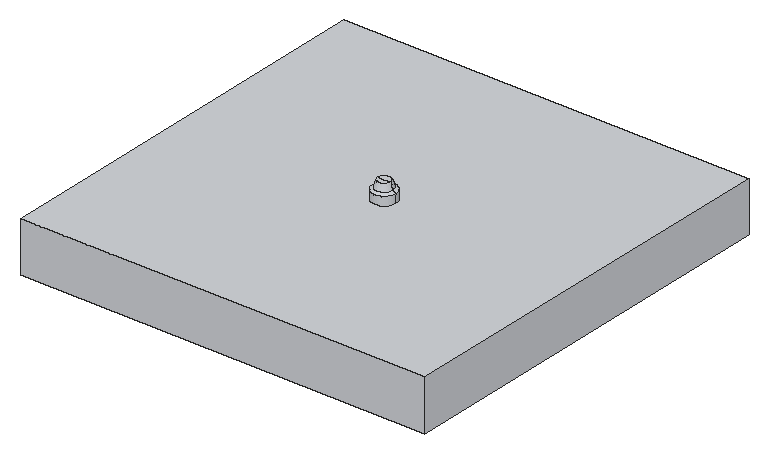
Revit family "M_Detector de fumaça - Receptor de viga", category Dispositivos de alarme de incêndio, Revit 2019
Family settings
  Hospedeiro = Face
  Manter orientação da anotação = Sim
  Cota do conector redondo = Utilizar diâmetro
  Tipo de parte = Normal
  Número OmniClass = 23.85.30.21.11.11.11
  Título OmniClass = Smoke Detectors
  ID de item do Seek = Smoke Detector - Beam Receiver-0000-CAN-ENU
  Corte com vazios quando carregada = Não
  Compartilhado = Não
  Ponto de cálculo do ambiente = Não
Parameters (values of type "Padrão")
  Legenda = "BR"
  Raio pequeno da extremidade = 38 mm
  Raio da extremidade superior = 51 mm
  Profundidade da extremidade superior = 38 mm
  Elevação-padrão = 1200 mm
  Raio base = 70 mm
  Profundidade da base = 51 mm
Reference planes
  plane 1 "Centro (Frente/Trás)": y = 0
  plane 2 "Inferior": z = 0
  plane 3 "Centro (Esquerda/Direita)": x = 0
  plane 4: z = 51
  plane 5: z = 63.7
  plane 6: z = 101.7
  plane 7: x = 38
  plane 8: x = 51
  plane 9: x = 70
Forms (mm)
  Extrusion 1, solid
    sketch origin (0, 0, 0) x (1, 0, 0) y (0, 1, 0)
      loop
        line (-1219.2, 1219.2) -> (-1219.2, -1219.2) -> (1219.2, -1219.2) -> (1219.2, 1219.2) -> (-1219.2, 1219.2)
    from 0 to -304.8
  Revolve 2, solid, detail levels fine
    sketch origin (0, 0, 0) x (1, 0, 0) y (0, 0, 1)
      loop
        line (0, 101.7) -> (0, 0) -> (70, 0) -> (70, 51) -> (38, 63.7) -> (51, 63.7) -> (38, 101.7) -> (0, 101.7)
      axis (0, 0) -> (0, 101.7)
    angle from 0 to 360
  Revolve 3, solid, detail levels coarse+medium
    sketch origin (0, 0, 0) x (1, 0, 0) y (0, 0, 1)
      loop
        line (0, 101.7) -> (0, 0) -> (70, 0) -> (70, 101.7) -> (0, 101.7)
      axis (0, 101.7) -> (0, 0)
    angle from 0 to 360
Lines and regions (mm)
  symbolic lines, detail levels fine
    curve 1: circle (0, 0, 0) r 70 normal (0, 0, 1)
Dimensions and locks
  "Profundidade da base": plane 4 to plane 2 "Inferior"
  locked: plane 5 to plane 4 at 12.7
  "Profundidade da extremidade superior": plane 6 to plane 5
  "Raio pequeno da extremidade": plane 7 to plane 3 "Centro (Esquerda/Direita)"
  "Raio da extremidade superior": plane 8 to plane 3 "Centro (Esquerda/Direita)"
  "Raio base": plane 9 to plane 3 "Centro (Esquerda/Direita)"
  "Raio base": radius of curve 1
  aligned and locked: plane 2 "Inferior" to Extrusion 1
  aligned and locked: level to Extrusion 1
  aligned and locked: plane 3 "Centro (Esquerda/Direita)" to Revolve 3 sketch curve
  aligned and locked: Revolve 3 sketch curve to Revolve 2  (x2)
  aligned and locked: Revolve 2 to Revolve 3 sketch curve
  aligned and locked: plane 3 "Centro (Esquerda/Direita)" to Revolve 2 sketch curve
  aligned and locked: plane 1 "Centro (Frente/Trás)" to Revolve 2 sketch curve
  aligned and locked: nested 1 to plane 1 "Centro (Frente/Trás)"
  aligned and locked: nested 1 to plane 3 "Centro (Esquerda/Direita)"
Automatic sketch dimensions
  Revolve 2 sketch curve to plane 3 "Centro (Esquerda/Direita)" = 0 mm
  Revolve 2 sketch curve to plane 6 = 0 mm
  Revolve 2 sketch curve to plane 7 = 0 mm  (x2)
  Revolve 2 sketch curve to plane 5 = 0 mm
  Revolve 2 sketch curve to plane 8 = 0 mm
  Revolve 2 sketch curve to level = 0 mm
  Revolve 2 sketch curve to plane 9 = 0 mm
  Revolve 2 sketch curve to plane 4 = 0 mm
  Revolve 2 sketch curve to plane 4 = 19.05 mm
  plane 6 to Revolve 2 sketch curve = 57.15 mm
  Revolve 3 sketch curve to plane 3 "Centro (Esquerda/Direita)" = 0 mm
  Revolve 3 sketch curve to Revolve 3 sketch curve = 38.1 mm  (x2)
  curve 1 to plane 1 "Centro (Frente/Trás)" = 0 mm
  curve 1 to plane 3 "Centro (Esquerda/Direita)" = 0 mm
  Extrusion 1 sketch curve to Extrusion 1 sketch curve = 2438.4 mm  (x2)
Nested families
  nested 1: "M_Anotação do detector de fumaça" at (0, 0, 0) x (-1, 0, 0) z (0, 0, 1), type "Anotação do detector de fumaça", detail levels coarse+medium
Connectors
  electrical at (0, 0, 0)
    settings: on Revolve 2, index 1, voltage 0 V, apparent load 0 VA, apparent load phase1 0 VA, apparent load phase2 0 VA, apparent load phase3 0 VA, power factor 1, load classification "Outros", number of poles 1, system type 11, power factor state 1, is connector primary yes, connector utility no, sub classification motor no, connector description ""
Definition of nested family "M_Anotação do detector de fumaça"
  Parameters
    Anotação de legenda = "BR"
  Reference planes
    plane 1: y = 0
    plane 2: x = 0
  Lines and regions (mm)
    detail lines
      curve 1: circle (0, 0, 0) r 3.969 normal (0, 0, 1)
  Text (mm)
    label "W" at (4.346, -3.526, 0), shows "Anotação de legenda"
    text "S" at (-1.067, 1.777, 0)
  Dimensions and locks
    aligned and locked: plane 2 to curve 1
    aligned and locked: plane 1 to curve 1
